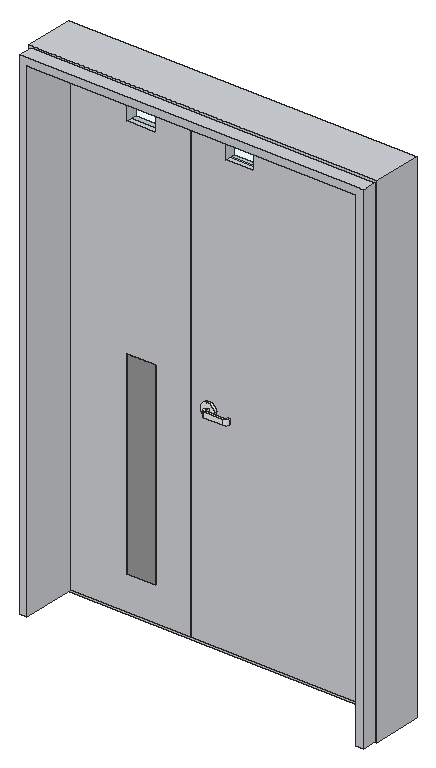
Revit family "Dor_親子開き戸", category ドア, Revit 2020
Family settings
  ホスト = 壁
  常に垂直 = はい
  ロード時にボイドで切り取り = はい
  共有 = いいえ
  部屋計算ポイント = いいえ
Parameters (values of type "親子開き戸")
  開口逃げ位置表示 [instance] = no
  金物_施錠方式(外) = ""
  金物_施錠方式(内) = ""
  金物_支持金物 = ""
  金物_操作金物 = ""
  金物_戸当り = ""
  金物_固定金物 = ""
  金物_フランス落し = ""
  金物_クローザー = ""
  逃げ_左 = 60 mm
  逃げ_右 = 60 mm
  解析用性能 = "<なし>"
  符号_建具記号 = ""
  符号_建具番号 = ""
  法_随時閉鎖 = yes
  法_防火性能 = ""
  法_遮煙 = yes
  法_常時閉鎖 = yes
  沓摺表示 [instance] = yes
  文字_ガラス厚 = ""
  建枠下延長 [instance] = 0 mm
  沓摺見込_Kc_Kd [instance] = 100 mm
  ラベル_遮煙 = if(法_遮煙, "S", " ")  # "S"
  ラベル_法囲み = if(法_常時閉鎖, "□", if(法_随時閉鎖, "〇", " "))  # "□"
  ドアパネルタイプ2 = DP_小窓+スリットガラリ : 小窓+スリットガラリ
  ドアパネルタイプ1 = DP_小窓 : 小窓
  スリット/小窓位置：戸先 [instance] = yes
  ガラス厚 = 6 mm
  オフセット_外側 [instance] = 50 mm
  calc_逃げ位置 [instance] = if(bWallThicknessOffset, calc_壁芯ずれ, 0 mm)  # 0 mm
  calc_沓摺幅 = 幅 + 戸当見付 * 2  # 1430 mm
  沓摺タイプ = Ka_沓摺 : Ka_沓摺
  次による断熱プロパティの定義 = スキーマティック タイプ
  枠見付内_F01 = 30 mm
  calc_枠見込内 [instance] = if(and(枠ちり内 = 0 mm, オフセット_内側 = 0 mm), 1 mm, 0 mm)  # 0 mm
  calc_枠見付内 = if(枠タイプ = 1, 枠見付内_F01, if(枠タイプ = 2, 枠見付 + 戸当見付, if(枠タイプ = 3, 枠見付 + 戸当見付, 枠見付)))  # 30 mm
  文字_額縁材質 = ""
  文字_額縁仕上 = ""
  文字_沓摺材質 = ""
  文字_沓摺仕上 = ""
  文字_枠材質 = ""
  文字_枠仕上 = ""
  文字_建具材質 = ""
  文字_建具仕上 = ""
  文字_取付場所 = ""
  文字_備考 = ""
  文字_パネル厚 = ""
  文字_ガラリ材質 = ""
  文字_ガラリ仕上 = ""
  文字_ガラス材質 = ""
  文字_アンダーカット = ""
  性能_遮音 = ""
  性能_気密 = ""
  形状_沓摺形状 = ""
  形状_枠形状 = ""
  形状_建具形式 = ""
  形状_ガラリ形状 = ""
  仕上げ厚 = 0 mm
  calc_壁芯ずれ [instance] = オフセット_内側 / 2 + オフセット_外側 / 2  # 50 mm
  calc_仕上げ厚 [instance] = if(and(オフセット_内側 = 0 mm, 仕上げ厚 = 0 mm), 11 mm, 仕上げ厚)  # 0 mm
  マテリアル_沓摺 = none
  マテリアル_枠 = none
  マテリアル_パネル = none
  マテリアル_ガラリ = none
  マテリアル_ガラス = ガラス - 透明
  パネル幅2 = (幅 + 戸当見付 * 2) - パネル幅  # 530 mm
  パネル幅1 = 900 mm
  calc_パネル中心位置 = パネル厚 / 2 + LOCK  # 22.5 mm
  calc_パネル2_中心 = パネル幅2 / 2 + LOCK  # 265 mm
  calc_パネル1_中心 = パネル幅1 / 2 + LOCK  # 450 mm
  ハンドル表示 [instance] = yes
  Keynote = ""
  オフセット_内側 [instance] = 50 mm
  bWallThicknessOffset = no
  W寸法 = 1400 mm
  LOCK = 0 mm  # constant formula
  H寸法 = 2100 mm
  F02_片ひばた2 = 枠タイプ = 2  # no
  Function = (empty or 0)
  Description = ""
  枠タイプ = 1
  Rough Width = 0 mm
  高さ = H寸法 + LOCK  # 2100 mm
  枠見付 = 25 mm
  枠ちり外 = 10 mm
  枠ちり内 = 10 mm
  ハンドル_高さ = 900 mm
  ハンドル_オフセット = 80 mm
  戸当見込 = 50 mm
  戸当見付 = 15 mm
  Construction Type = ""
  Wall Closure = (empty or 0)
  幅 = W寸法 + LOCK  # 1400 mm
  Rough Height = 0 mm
  パネル高 = 高さ + 戸当見付 - アンダーカット  # 2110 mm
  パネル幅 = パネル幅1 + LOCK  # 900 mm
  パネル厚 = 45 mm
  アンダーカット = 5 mm
  F01_片ひばた1 = 枠タイプ = 1  # yes
  F03_両ひばた = 枠タイプ = 3  # no
Reference planes
  plane 1: y = 0
  plane 2 "中心(左/右)": x = 0
  plane 3 "EXT.": y = 75
  plane 4 "内壁": y = -75
  plane 5 "左": x = -700
  plane 6 "右": x = 700
  plane 7 "上側": z = 2100
  plane 8: z = 0
  plane 9 "枠ちり外": y = 135
  plane 10 "左扉位置": x = -715
  plane 11 "枠外側左": x = -740
  plane 12 "枠内側左": x = -730
  plane 13 "仕上げ厚": y = -75
  plane 14 "右扉位置": x = 715
  plane 15 "枠外側右": x = 740
  plane 16 "枠内側右": x = 730
  plane 17: z = 2115
  plane 18 "枠見付_上": z = 2140
  plane 19 "枠見付内_上": z = 2130
  plane 20: y = 90
  plane 21: y = 40
  plane 22: x = -730
  plane 23: x = 730
  plane 24: z = 5
  plane 25: y = -125
  plane 26 "枠ちり内": y = -135
  plane 27 "パネル中心": y = 112.5
  plane 28: y = 65
  plane 29: y = -115
  plane 30: z = 2130
  plane 31: x = -745
  plane 32: x = -731
  plane 33: x = 745
  plane 34: x = 731
  plane 35: y = 65
  plane 36: y = -115
  plane 37 "枠見込内": y = -75
  plane 38: y = -130
  plane 39: x = -185
  plane 40 "パネル1中心": x = 265
  plane 41 "パネル2中心": x = -450
  plane 42: y = 112.5
  plane 43 "壁芯": y = -50
  plane 44: z = 900
  plane 45: x = -105
  plane 46 "建枠下延長": z = 0
  plane 47: y = 125
  plane 48 "逃げ位置": y = 0
Forms (mm)
  Extrusion 1, void
    sketch origin (0, 0, 0) x (1, 0, 0) y (0, 1, 0)
      loop
        line (-730, -125) -> (730, -125) -> (730, -75) -> (-730, -75) -> (-730, -125)
    from 0 to 2130
  Extrusion 2, void
    sketch origin (0, 0, 0) x (1, 0, 0) y (0, 1, 0)
      loop
        line (-740, 75) -> (-740, -75) -> (740, -75) -> (740, 75) -> (-740, 75)
    from 0 to 2140
  Sweep 3, solid, material <- "マテリアル_枠", visible <- "F01_片ひばた1", detail levels medium+fine
    path origin (0, 75, 0) x (1, 0, 0) y (0, 0, 1)
      loop
        line (700, 0) -> (700, 2100) -> (-700, 2100) -> (-700, 0)
    profile origin (700, 75, 1050) x (-1, 0, 0) y (0, -1, 0)
      loop
        line (-40, -60) -> (-15, -60) -> (-15, -15) -> (0, -15) -> (0, 210) -> (-30, 210) -> (-30, 150) -> (-40, 150) -> (-40, -60)
  Sweep 4, solid, material <- "マテリアル_枠", visible <- "F02_片ひばた2"
    path origin (0, 75, 0) x (1, 0, 0) y (0, 0, 1)
      loop
        line (700, 0) -> (700, 2100) -> (-700, 2100) -> (-700, 0)
    profile origin (700, 75, 1050) x (-1, 0, 0) y (0, -1, 0)
      loop
        line (-40, -60) -> (-15, -60) -> (-15, -15) -> (0, -15) -> (0, 210) -> (-40, 210) -> (-40, -60)
  Sweep 5, solid, material <- "マテリアル_枠", visible <- "F03_両ひばた"
    path origin (0, 75, 0) x (1, 0, 0) y (0, 0, 1)
      loop
        line (700, 0) -> (700, 2100) -> (-700, 2100) -> (-700, 0)
    profile origin (700, 75, 1050) x (-1, 0, 0) y (0, -1, 0)
      loop
        line (-40, -60) -> (-15, -60) -> (-15, -15) -> (0, -15) -> (0, 35) -> (-15, 35) -> (-15, 210) -> (-40, 210) -> (-40, -60)
Lines and regions (mm)
  Masking region 1
    outline origin (0, 0, 0) x (0, 1, 0) y (0, 0, 1)
      loop
        line (135, 2115) -> (90, 2115) -> (90, 5) -> (135, 5) -> (135, 2115)
  Masking region 2, visible <- "F02_片ひばた2"
    outline origin (0, 0, 0) x (0, 1, 0) y (0, 0, 1)
      loop
        line (65, 2130) -> (-115, 2130) -> (-135, 2130) -> (-135, 2100) -> (90, 2100) -> (90, 2115) -> (135, 2115) -> (135, 2130) -> (65, 2130)
  Masking region 3, visible <- "F01_片ひばた1"
    outline origin (0, 0, 0) x (0, 1, 0) y (0, 0, 1)
      loop
        line (65, 2140) -> (-75, 2140) -> (-75, 2130) -> (-115, 2130) -> (-135, 2130) -> (-135, 2100) -> (90, 2100) -> (90, 2115) -> (135, 2115) -> (135, 2140) -> (65, 2140)
  Masking region 4, visible <- "F03_両ひばた"
    outline origin (0, 0, 0) x (0, 1, 0) y (0, 0, 1)
      loop
        line (65, 2130) -> (-115, 2130) -> (-135, 2130) -> (-135, 2115) -> (40, 2115) -> (40, 2100) -> (90, 2100) -> (90, 2115) -> (135, 2115) -> (135, 2130) -> (65, 2130)
  Masking region 5, visible <- "F01_片ひばた1", detail levels medium+fine
    outline origin (0, 0, 0) x (1, 0, 0) y (0, 1, 0)
      loop
        line (-740, -75) -> (-730, -75) -> (-730, -135) -> (-700, -135) -> (-700, 90) -> (-715, 90) -> (-715, 135) -> (-740, 135) -> (-740, -75)
      loop
        line (740, -75) -> (740, 135) -> (715, 135) -> (715, 90) -> (700, 90) -> (700, -135) -> (730, -135) -> (730, -75) -> (740, -75)
  Masking region 6, visible <- "F02_片ひばた2", detail levels medium+fine
    outline origin (0, 0, 0) x (1, 0, 0) y (0, 1, 0)
      loop
        line (-740, -135) -> (-700, -135) -> (-700, 90) -> (-715, 90) -> (-715, 135) -> (-740, 135) -> (-740, -135)
      loop
        line (740, 135) -> (715, 135) -> (715, 90) -> (700, 90) -> (700, -135) -> (740, -135) -> (740, 135)
  Masking region 7, detail levels coarse
    outline origin (0, 0, 0) x (1, 0, 0) y (0, 1, 0)
      loop
        line (-700, -130) -> (700, -130) -> (700, -125) -> (700, 125) -> (700, 130) -> (-700, 130) -> (-700, 125) -> (-700, -125) -> (-700, -130)
  Masking region 8, detail levels coarse
    outline origin (0, 0, 0) x (1, 0, 0) y (0, 1, 0)
      loop
        line (-745, 125) -> (-745, -125) -> (-700, -125) -> (-700, 125) -> (-745, 125)
      loop
        line (745, 125) -> (700, 125) -> (700, -125) -> (745, -125) -> (745, 125)
  Masking region 9, visible <- "F03_両ひばた", detail levels medium+fine
    outline origin (0, 0, 0) x (1, 0, 0) y (0, 1, 0)
      loop
        line (-740, 135) -> (-740, -135) -> (-715, -135) -> (-715, 40) -> (-700, 40) -> (-700, 90) -> (-715, 90) -> (-715, 135) -> (-740, 135)
      loop
        line (740, 135) -> (715, 135) -> (715, 90) -> (700, 90) -> (700, 40) -> (715, 40) -> (715, -135) -> (740, -135) -> (740, 135)
  symbolic lines
    curve 1: line (0, 185, 0) -> (0, -185, 0)
Text (mm)
  text "EXT." at (-2295.016, 1099.543, 0), in view "基準レベル"
  text "外部" at (0, 1615.38, 3698.081), in view "左"
  text "外部" at (0, 1036.032, 3874.932), in view "右"
  text "内部" at (0, -1175.082, 3874.932), in view "右"
  text "内部" at (-2295.016, -1087.353, 0), in view "基準レベル"
Dimensions and locks
  equal spacing: plane 5 "左", plane 2 "中心(左/右)", plane 6 "右"
  locked: plane 3 "EXT." to host wall
  locked: plane 4 "内壁" to host wall
  "W寸法": plane 5 "左" to plane 6 "右"
  "H寸法": plane 8 to plane 7 "上側"
  "戸当見付": plane 10 "左扉位置" to plane 5 "左"
  "calc_枠見付内": plane 12 "枠内側左" to plane 5 "左"
  "枠見付": plane 11 "枠外側左" to plane 10 "左扉位置"
  "calc_仕上げ厚": plane 13 "仕上げ厚" to plane 4 "内壁"
  "枠見付": plane 15 "枠外側右" to plane 14 "右扉位置"
  "戸当見付": plane 7 "上側" to plane 17
  "枠見付": plane 17 to plane 18 "枠見付_上"
  "calc_枠見付内": plane 7 "上側" to plane 19 "枠見付内_上"
  "パネル厚": plane 9 "枠ちり外" to plane 20
  "戸当見込": plane 20 to plane 21
  "戸当見付": plane 6 "右" to plane 14 "右扉位置"
  "calc_枠見付内": plane 6 "右" to plane 16 "枠内側右"
  "枠見付内_F01": plane 22 to plane 5 "左"
  "枠見付内_F01": plane 6 "右" to plane 23
  "枠ちり内": plane 25 to plane 26 "枠ちり内"
  "オフセット_内側": plane 25 to plane 4 "内壁"
  "アンダーカット": plane 24 to plane 8
  locked: plane 3 "EXT." to Masking region 2 sketch curve at 10
  locked: Masking region 2 sketch curve to plane 25 at 10
  equal spacing: plane 9 "枠ちり外", plane 27 "パネル中心", plane 20
  locked: plane 3 "EXT." to plane 28 at 10
  locked: plane 29 to plane 25 at 10
  "枠見付内_F01": plane 7 "上側" to plane 30
  locked: curve 1 to plane 9 "枠ちり外" at 50
  locked: plane 26 "枠ちり内" to curve 1 at 50
  plane 4 "内壁" to plane 3 "EXT." = 150 mm
  locked: plane 32 to plane 22 at 1
  locked: plane 31 to plane 11 "枠外側左" at 5
  locked: plane 15 "枠外側右" to plane 33 at 5
  plane 23 to plane 34 = 1 mm
  locked: plane 35 to plane 3 "EXT." at 10
  locked: plane 36 to plane 25 at 10
  locked: plane 25 to plane 38 at 5
  "パネル幅1": plane 39 to plane 14 "右扉位置"
  "calc_パネル1_中心": plane 40 "パネル1中心" to plane 14 "右扉位置"
  "calc_パネル2_中心": plane 10 "左扉位置" to plane 41 "パネル2中心"
  "calc_壁芯ずれ": plane 43 "壁芯" to plane 1
  "ハンドル_高さ": plane 44 to plane 8
  "ハンドル_オフセット": plane 45 to plane 39
  "建枠下延長": plane 8 to plane 46 "建枠下延長"
  "calc_枠見込内": plane 37 "枠見込内" to plane 4 "内壁"
  "オフセット_外側": plane 3 "EXT." to plane 47
  "枠ちり外": plane 9 "枠ちり外" to plane 47
  "calc_パネル中心位置": plane 9 "枠ちり外" to plane 42
  locked: Masking region 7 sketch curve to plane 47 at 5
  "calc_逃げ位置": plane 48 "逃げ位置" to plane 1
  aligned and locked: plane 1 to host wall
  aligned and locked: level to plane 8
  aligned and locked: Extrusion 1 sketch curve to plane 12 "枠内側左"
  aligned and locked: plane 13 "仕上げ厚" to Extrusion 1 sketch curve
  aligned and locked: Extrusion 1 sketch curve to plane 16 "枠内側右"
  aligned and locked: Extrusion 2 sketch curve to host wall
  aligned and locked: plane 11 "枠外側左" to Extrusion 2 sketch curve
  aligned and locked: plane 13 "仕上げ厚" to Extrusion 2 sketch curve
  aligned and locked: plane 15 "枠外側右" to Extrusion 2 sketch curve
  aligned and locked: plane 18 "枠見付_上" to Extrusion 2
  aligned and locked: plane 7 "上側" to Sweep 3 sketch curve
  aligned and locked: plane 6 "右" to Sweep 3 sketch curve  (x2)
  aligned and locked: Sweep 3 sketch curve to plane 5 "左"
  aligned and locked: Sweep 3 sketch curve to plane 13 "仕上げ厚"
  aligned and locked: plane 9 "枠ちり外" to Sweep 3 sketch curve
  aligned and locked: plane 20 to Sweep 3 sketch curve
  aligned and locked: plane 14 "右扉位置" to Sweep 3 sketch curve
  aligned and locked: Sweep 3 sketch curve to plane 15 "枠外側右"
  aligned and locked: plane 15 "枠外側右" to Sweep 4 sketch curve
  aligned and locked: plane 14 "右扉位置" to Sweep 5 sketch curve  (x2)
  aligned and locked: Sweep 5 sketch curve to plane 21
  aligned and locked: plane 23 to Sweep 3 sketch curve
  aligned and locked: Sweep 3 sketch curve to plane 26 "枠ちり内"
  aligned and locked: Sweep 4 sketch curve to plane 26 "枠ちり内"
  aligned and locked: plane 20 to Sweep 4 sketch curve
  aligned and locked: Sweep 5 sketch curve to plane 26 "枠ちり内"
  aligned and locked: Extrusion 1 to plane 25
  aligned and locked: plane 19 "枠見付内_上" to Extrusion 1
  aligned and locked: Sweep 4 to Masking region 1 sketch curve
  aligned and locked: plane 9 "枠ちり外" to Masking region 2 sketch curve
  aligned and locked: plane 19 "枠見付内_上" to Masking region 2 sketch curve  (x3)
  aligned and locked: Masking region 2 sketch curve to plane 26 "枠ちり内"
  aligned and locked: plane 7 "上側" to Masking region 2 sketch curve
  aligned and locked: plane 20 to Masking region 2 sketch curve
  aligned and locked: Masking region 2 sketch curve to plane 17
  aligned and locked: plane 2 "中心(左/右)" to nested 1
  aligned and locked: nested 1 to plane 27 "パネル中心"
  aligned and locked: plane 20 to Masking region 3 sketch curve
  aligned and locked: Masking region 3 sketch curve to plane 26 "枠ちり内"
  aligned and locked: plane 7 "上側" to Masking region 3 sketch curve
  aligned and locked: Masking region 3 sketch curve to plane 17
  aligned and locked: plane 18 "枠見付_上" to Masking region 3 sketch curve  (x2)
  aligned and locked: Masking region 3 sketch curve to plane 30  (x2)
  aligned and locked: plane 30 to Masking region 3 sketch curve
  aligned and locked: plane 19 "枠見付内_上" to Masking region 4 sketch curve  (x3)
  aligned and locked: Masking region 4 sketch curve to plane 26 "枠ちり内"
  aligned and locked: plane 9 "枠ちり外" to Masking region 4 sketch curve
  aligned and locked: Masking region 4 sketch curve to plane 17  (x2)
  aligned and locked: plane 7 "上側" to Masking region 4 sketch curve
  aligned and locked: plane 20 to Masking region 4 sketch curve
  aligned and locked: Masking region 4 sketch curve to plane 21
  aligned and locked: Masking region 5 sketch curve to plane 9 "枠ちり外"
  aligned and locked: Masking region 5 sketch curve to plane 20
  aligned and locked: plane 26 "枠ちり内" to Masking region 5 sketch curve
  aligned and locked: plane 11 "枠外側左" to Masking region 5 sketch curve
  aligned and locked: plane 5 "左" to Masking region 5 sketch curve
  aligned and locked: plane 6 "右" to Masking region 5 sketch curve
  aligned and locked: Masking region 5 sketch curve to plane 15 "枠外側右"
  aligned and locked: plane 14 "右扉位置" to Masking region 5 sketch curve
  aligned and locked: Masking region 5 sketch curve to plane 22
  aligned and locked: plane 22 to Masking region 5 sketch curve
  aligned and locked: plane 23 to Masking region 5 sketch curve  (x2)
  aligned and locked: plane 5 "左" to Masking region 7 sketch curve
  aligned and locked: Masking region 7 sketch curve to plane 6 "右"
  aligned and locked: Masking region 8 sketch curve to plane 31
  aligned and locked: Masking region 7 to Masking region 8 sketch curve
  aligned and locked: plane 6 "右" to Masking region 8 sketch curve
  aligned and locked: Masking region 8 sketch curve to plane 33
  aligned and locked: plane 25 to Masking region 8 sketch curve
  aligned and locked: Masking region 8 sketch curve to plane 25
  aligned and locked: plane 25 to Masking region 7 sketch curve  (x2)
  aligned and locked: Masking region 7 sketch curve to plane 38
  aligned and locked: plane 14 "右扉位置" to Masking region 9 sketch curve
  aligned and locked: plane 21 to Masking region 9 sketch curve  (x2)
  aligned and locked: Masking region 9 sketch curve to plane 21  (x2)
  aligned and locked: nested 2 to plane 9 "枠ちり外"
  aligned and locked: nested 2 to plane 14 "右扉位置"
  aligned and locked: plane 20 to Sweep 5 sketch curve
  aligned and locked: plane 9 "枠ちり外" to Sweep 5 sketch curve
  aligned and locked: plane 9 "枠ちり外" to Sweep 4 sketch curve
  aligned and locked: plane 2 "中心(左/右)" to nested 3
  aligned and locked: plane 40 "パネル1中心" to nested 4
  aligned and locked: nested 4 to plane 8
  aligned and locked: nested 4 to plane 27 "パネル中心"
  aligned and locked: nested 5 to plane 27 "パネル中心"
  aligned and locked: plane 44 to nested 5
  aligned and locked: nested 5 to plane 45
  aligned and locked: plane 40 "パネル1中心" to nested 6
  aligned and locked: nested 6 to plane 8
  aligned and locked: plane 41 "パネル2中心" to nested 7
  aligned and locked: plane 41 "パネル2中心" to nested 8
  aligned and locked: nested 7 to plane 27 "パネル中心"
  aligned and locked: plane 46 "建枠下延長" to Sweep 4 sketch curve  (x2)
  aligned and locked: plane 46 "建枠下延長" to Sweep 3 sketch curve  (x2)
  aligned and locked: plane 46 "建枠下延長" to Sweep 5 sketch curve  (x2)
  aligned and locked: Masking region 6 sketch curve to plane 15 "枠外側右"
  aligned and locked: plane 4 "内壁" to Masking region 5 sketch curve
  aligned and locked: Masking region 5 sketch curve to plane 4 "内壁"
  aligned and locked: plane 47 to Masking region 7 sketch curve  (x2)
  aligned and locked: Masking region 8 sketch curve to plane 47
  aligned and locked: plane 47 to Masking region 8 sketch curve
  aligned and locked: nested 3 to plane 48 "逃げ位置"
Automatic sketch dimensions
  plane 5 "左" to Sweep 4 sketch curve = 0 mm
  plane 6 "右" to Sweep 4 sketch curve = 0 mm
  Sweep 4 sketch curve to plane 7 "上側" = 0 mm
  Sweep 4 sketch curve to profile plane = 0 mm
  profile plane to Sweep 4 sketch curve = 15 mm
  plane 5 "左" to Sweep 5 sketch curve = 0 mm
  plane 6 "右" to Sweep 5 sketch curve = 0 mm
  Sweep 5 sketch curve to plane 7 "上側" = 0 mm
  Sweep 5 sketch curve to profile plane = 0 mm
  profile plane to Sweep 5 sketch curve = 15 mm
  Sweep 5 sketch curve to Sweep 5 sketch curve = 25 mm
  Masking region 3 sketch curve to plane 29 = 0 mm
  Masking region 3 sketch curve to plane 13 "仕上げ厚" = 0 mm
  Masking region 3 sketch curve to plane 28 = 0 mm
  Masking region 3 sketch curve to plane 9 "枠ちり外" = 0 mm
  Masking region 4 sketch curve to plane 29 = 0 mm
  Masking region 4 sketch curve to plane 28 = 0 mm
  curve 1 to plane 2 "中心(左/右)" = 0 mm
  host wall to Extrusion 1 sketch curve = 50 mm
  Masking region 1 sketch curve to plane 17 = 0 mm
  Masking region 1 sketch curve to plane 20 = 0 mm
  Masking region 1 sketch curve to plane 24 = 0 mm
  Masking region 9 sketch curve to plane 9 "枠ちり外" = 0 mm  (x2)
  Masking region 9 sketch curve to plane 11 "枠外側左" = 0 mm
  Masking region 9 sketch curve to plane 10 "左扉位置" = 0 mm  (x2)
  Masking region 9 sketch curve to plane 5 "左" = 0 mm
  Masking region 9 sketch curve to plane 6 "右" = 0 mm
  Masking region 9 sketch curve to plane 14 "右扉位置" = 0 mm
  Masking region 9 sketch curve to plane 15 "枠外側右" = 0 mm
  Masking region 9 sketch curve to plane 26 "枠ちり内" = 0 mm  (x2)
  Masking region 9 sketch curve to plane 20 = 0 mm  (x2)
  Masking region 6 sketch curve to plane 11 "枠外側左" = 0 mm
  Masking region 6 sketch curve to plane 10 "左扉位置" = 0 mm
  Masking region 6 sketch curve to plane 5 "左" = 0 mm
  Masking region 6 sketch curve to plane 6 "右" = 0 mm
  Masking region 6 sketch curve to plane 14 "右扉位置" = 0 mm
  Masking region 6 sketch curve to plane 9 "枠ちり外" = 0 mm  (x2)
  Masking region 6 sketch curve to plane 26 "枠ちり内" = 0 mm  (x2)
  Masking region 6 sketch curve to plane 20 = 0 mm  (x2)
  Masking region 5 sketch curve to plane 10 "左扉位置" = 0 mm
  Masking region 5 sketch curve to plane 26 "枠ちり内" = 0 mm
  Masking region 5 sketch curve to plane 20 = 0 mm
  Masking region 5 sketch curve to plane 9 "枠ちり外" = 0 mm
Nested families
  nested 1: "Ka_沓摺" at (0, 112.5, 0), 沓摺材質 <- "マテリアル_沓摺", アンダーカット <- "アンダーカット", パネル厚 <- "パネル厚", パネル幅 <- "calc_沓摺幅", type <- "沓摺タイプ", visible <- "沓摺表示", 沓摺見込 <- "沓摺見込_Kc_Kd", type "Ka_沓摺"
    with 沓摺見込 100 mm, 沓摺材質 none, パネル幅 1430 mm, パネル厚 45 mm, アンダーカット 5 mm
  nested 2: "平面_親子開き戸" at (0, 135, 0), type "平面_親子開き戸"
    with 枠ちり外 10 mm
  nested 3: "平面_逃げ位置" at (0, 0, 0), visible <- "開口逃げ位置表示", 幅 <- "幅", 逃げ_右 <- "逃げ_右", 逃げ_左 <- "逃げ_左", type "平面_逃げ位置"
    with 逃げ_左 60 mm, 逃げ_右 60 mm, 幅 1400 mm
  nested 4: "DP_小窓" at (265, 112.5, 0) x (-1, 0, 0) z (0, 0, 1), マテリアル_パネル <- "マテリアル_パネル", 幅 <- "パネル幅1", 高さ <- "パネル高", Thickness <- "パネル厚", アンダーカット <- "アンダーカット", type <- "ドアパネルタイプ1", マテリアル_ガラス <- "マテリアル_ガラス", スリット/小窓位置：戸先 <- "スリット/小窓位置：戸先", マテリアル_ガラリ <- "マテリアル_ガラリ", ガラス厚 <- "ガラス厚", type "小窓"
    with 高さ 2110 mm, 幅 900 mm, built-in parameter 1001302 45 mm, マテリアル_パネル none, マテリアル_ガラリ none, マテリアル_ガラス ガラス - 透明, スリット/小窓位置：戸先 yes, スリット/小窓位置：中央 no, ガラス厚 6 mm, アンダーカット 5 mm, calc_窓腰高 1875 mm, calc_窓位置_戸尻 630 mm, calc_窓位置_戸先 150 mm
  nested 5: "Ha_ハンドル" at (-105, 112.5, 900), visible <- "ハンドル表示", type "Ha_ハンドル"
    with パネル厚 45 mm
  nested 6: "立面_スイング_開き戸" at (265, -75, 0) x (1, 0, 0) z (0, -1, 0), パネル幅 <- "パネル幅1", パネル高 <- "パネル高", アンダーカット <- "アンダーカット", type "立面_スイング_開き戸"
    with パネル高 2110 mm, パネル幅 900 mm, アンダーカット 5 mm
  nested 7: "DP_小窓+スリットガラリ" at (-450, 112.5, 0), マテリアル_パネル <- "マテリアル_パネル", 幅 <- "パネル幅2", 高さ <- "パネル高", Thickness <- "パネル厚", アンダーカット <- "アンダーカット", type <- "ドアパネルタイプ2", マテリアル_ガラス <- "マテリアル_ガラス", マテリアル_ガラリ <- "マテリアル_ガラリ", スリット/小窓位置：戸先 <- "スリット/小窓位置：戸先", ガラス厚 <- "ガラス厚", type "小窓+スリットガラリ"
    with 高さ 2110 mm, 幅 530 mm, built-in parameter 1001302 45 mm, マテリアル_パネル none, マテリアル_ガラリ none, マテリアル_ガラス ガラス - 透明, スリット/小窓位置：戸先 yes, スリット/小窓位置：中央 no, ガラス厚 6 mm, アンダーカット 5 mm, calc_窓腰高 1875 mm, calc_窓位置_戸尻 260 mm, calc_窓位置_戸先 150 mm
  nested 8: "立面_スイング_開き戸" at (-450, -75, 0) x (-1, 0, 0) z (0, -1, 0), パネル幅 <- "パネル幅2", パネル高 <- "パネル高", アンダーカット <- "アンダーカット", type "立面_スイング_開き戸"
    with パネル高 2110 mm, パネル幅 530 mm, アンダーカット 5 mm
Definition of nested family "Ka_沓摺"
  Parameters (values of type "Ka_沓摺")
    沓摺材質 [instance] = none
    Default Elevation = 0 mm
    沓摺見込 [instance] = 150 mm
    パネル幅 [instance] = 830 mm
    パネル厚 [instance] = 45 mm
    アンダーカット [instance] = 5 mm
    FB厚 = 6 mm
  Reference planes
    plane 1 "中心(正面/背面)": y = 0
    plane 2: z = 0
    plane 3 "中心(左/右)": x = 0
    plane 4 "パネル内側": y = -22.5
    plane 5: x = -415
    plane 6: x = 415
    plane 7: z = 5
    plane 8: z = 3
    plane 9 "パネル外側": y = 22.5
    plane 10: z = -20
    plane 11: y = 3
    plane 12: y = -3
  Forms (mm)
    Extrusion 1, solid, material <- "沓摺材質"
      sketch origin (0, 0, 0) x (0, 1, 0) y (0, 0, 1)
        loop
          line (3, -20) -> (3, 3) -> (-3, 3) -> (-3, -20) -> (3, -20)
      from -415 to 415
  Lines and regions (mm)
    Masking region 1
      outline origin (0, 0, 0) x (0, 1, 0) y (0, 0, 1)
        loop
          line (3, -20) -> (3, 3) -> (-3, 3) -> (-3, -20) -> (3, -20)
  Dimensions and locks
    "パネル幅": plane 5 to plane 6
    equal spacing: plane 5, plane 3 "中心(左/右)", plane 6
    "アンダーカット": plane 7 to plane 2
    locked: plane 7 to plane 8 at 2
    equal spacing: plane 9 "パネル外側", plane 1 "中心(正面/背面)", plane 4 "パネル内側"
    "パネル厚": plane 9 "パネル外側" to plane 4 "パネル内側"
    locked: plane 7 to plane 10 at 25
    plane 11 to plane 12 = 6 mm
    equal spacing: plane 11, plane 1 "中心(正面/背面)", plane 12
    "FB厚": plane 12 to plane 11
    aligned and locked: level to plane 2
    aligned and locked: plane 10 to Extrusion 1 sketch curve
    aligned and locked: Extrusion 1 sketch curve to plane 8
    aligned and locked: plane 6 to Extrusion 1
    aligned and locked: Extrusion 1 to plane 5
    aligned and locked: plane 11 to Masking region 1 sketch curve
    aligned and locked: Masking region 1 sketch curve to plane 12
    aligned and locked: Extrusion 1 sketch curve to plane 11
    aligned and locked: plane 12 to Extrusion 1 sketch curve
  Automatic sketch dimensions
    Masking region 1 sketch curve to plane 8 = 0 mm
    Masking region 1 sketch curve to plane 10 = 0 mm
Definition of nested family "DP_小窓"
  Parameters (values of type "小窓")
    Height [instance] = 2000 mm
    Analytic Construction = "<なし>"
    窓位置_戸先寄り = 150 mm
    Define Thermal Properties by = 1
    Thickness [instance] = 40 mm
    窓H = 120 mm
    窓位置_上 = 120 mm
    マテリアル_パネル [instance] = none
    マテリアル_ガラリ [instance] = none
    マテリアル_ガラス [instance] = none
    スリット/小窓位置：戸先 [instance] = yes
    スリット/小窓位置：中央 [instance] = not([スリット/小窓位置：戸先])  # no
    アンダーカット [instance] = 5 mm
    calc_窓位置_戸先 [instance] = if([スリット/小窓位置：戸先], 窓位置_戸先寄り, (Width - 窓W) / 2)  # 150 mm
    Width [instance] = 800 mm
    calc_窓位置_戸尻 [instance] = if([スリット/小窓位置：戸先], Width - 窓W - 窓位置_戸先寄り, if([スリット/小窓位置：中央], calc_窓位置_戸先, 窓位置_戸先寄り))  # 530 mm
    窓W = 120 mm
    ガラス厚 [instance] = 6 mm
    calc_窓腰高 [instance] = (Height + アンダーカット) - 窓位置_上 - 窓H  # 1765 mm
  Reference planes
    plane 1 "中心(正面/背面)": y = 0
    plane 2 "下": z = 0
    plane 3 "中心(左/右)": x = 0
    plane 4 "右": x = 400
    plane 5 "左": x = -400
    plane 6 "前面": y = 20
    plane 7 "背面": y = -20
    plane 8 "上": z = 2005
    plane 9 "戸先": x = 250
    plane 10 "ガラス下": z = 1765
    plane 11 "ガラス上": z = 1885
    plane 12 "ガラス幅": x = 130
    plane 13 "ガラス芯": x = 190
    plane 14: z = 5
  Forms (mm)
    Extrusion 1, solid, material <- "マテリアル_パネル"
      sketch origin (0, 0, 0) x (1, 0, 0) y (0, 0, 1)
        loop
          line (-400, 2005) -> (-400, 5) -> (400, 5) -> (400, 2005) -> (-400, 2005)
        loop
          line (130, 1885) -> (130, 1765) -> (250, 1765) -> (250, 1885) -> (130, 1885)
      from -20 to 20
  Dimensions and locks
    equal spacing: plane 5 "左", plane 3 "中心(左/右)", plane 4 "右"
    "Width": plane 5 "左" to plane 4 "右"
    equal spacing: plane 6 "前面", plane 1 "中心(正面/背面)", plane 7 "背面"
    "Thickness": plane 6 "前面" to plane 7 "背面"
    "calc_窓位置_戸先": plane 4 "右" to plane 9 "戸先"
    "窓位置_上": plane 8 "上" to plane 11 "ガラス上"
    "窓H": plane 11 "ガラス上" to plane 10 "ガラス下"
    "窓W": plane 9 "戸先" to plane 12 "ガラス幅"
    equal spacing: plane 12 "ガラス幅", plane 13 "ガラス芯", plane 9 "戸先"
    "アンダーカット": plane 14 to plane 2 "下"
    "Height": plane 8 "上" to plane 14
    aligned and locked: level to plane 2 "下"
    aligned and locked: Extrusion 1 sketch curve to plane 8 "上"
    aligned and locked: plane 5 "左" to Extrusion 1 sketch curve
    aligned and locked: Extrusion 1 sketch curve to plane 4 "右"
    aligned and locked: plane 6 "前面" to Extrusion 1
    aligned and locked: Extrusion 1 to plane 7 "背面"
    aligned and locked: plane 11 "ガラス上" to Extrusion 1 sketch curve
    aligned and locked: plane 12 "ガラス幅" to Extrusion 1 sketch curve
    aligned and locked: Extrusion 1 sketch curve to plane 10 "ガラス下"
    aligned and locked: Extrusion 1 sketch curve to plane 9 "戸先"
    aligned and locked: nested 1 to plane 1 "中心(正面/背面)"
    aligned and locked: plane 13 "ガラス芯" to nested 1
    aligned and locked: plane 14 to Extrusion 1 sketch curve
  Nested families
    nested 1: "DPw_ガラス" at (190, 15, 1765), Width <- "窓W", Height <- "窓H", Thickness <- "ガラス厚", built-in parameter 1001364 <- "calc_窓腰高", マテリアル_ガラス <- "マテリアル_ガラス", type "ガラス"
      with Height 120 mm, Width 120 mm, Thickness 6 mm, マテリアル_ガラス none
  Definition of nested family "DPw_ガラス"
    Parameters (values of type "DPw_ガラス")
      Define Thermal Properties by = 1
      Visual Light Transmittance = 0.9
      Solar Heat Gain Coefficient = 0.78
      Height [instance] = 1000 mm
      Heat Transfer Coefficient (U) = 3.6886 W/(m²·K)
      Width [instance] = 800 mm
      Analytic Construction = "1/8 インチ ピルキントン一重ガラス"
      Thickness [instance] = 6 mm
      マテリアル_ガラス [instance] = none
    Reference planes
      plane 1 "中心(正面/背面)": y = -15
      plane 2 "下": z = 0
      plane 3 "中心(左/右)": x = 0
      plane 4 "左": x = -400
      plane 5 "右": x = 400
      plane 6 "上": z = 1000
      plane 7: y = -12
      plane 8: y = -18
      plane 9: z = 500
    Forms (mm)
      Extrusion 1, solid, material <- "マテリアル_ガラス"
        sketch origin (0, -15, 0) x (1, 0, 0) y (0, 0, 1)
          loop
            line (-400, 0) -> (400, 0) -> (400, 1000) -> (-400, 1000) -> (-400, 0)
        from -3 to 3
    Lines and regions (mm)
      symbolic lines, detail levels medium+fine
        curve 1: line (400, -15, 0) -> (-400, -15, 0)
      symbolic lines, detail levels fine
        curve 2: line (0, -15, 1000) -> (0, -15, 0)
    Dimensions and locks
      equal spacing: plane 4 "左", plane 3 "中心(左/右)", plane 5 "右"
      "Width": plane 4 "左" to plane 5 "右"
      "Height": plane 6 "上" to plane 2 "下"
      equal spacing: plane 6 "上", plane 9, plane 2 "下"
      "Thickness": plane 8 to plane 7
      equal spacing: plane 8, plane 1 "中心(正面/背面)", plane 7
      plane 2 "下" to level = 0 mm
      aligned and locked: plane 5 "右" to Extrusion 1
      aligned and locked: Extrusion 1 to plane 4 "左"
      aligned and locked: Extrusion 1 to plane 7
      aligned and locked: plane 8 to Extrusion 1
      aligned and locked: curve 1 to plane 1 "中心(正面/背面)"
      aligned and locked: plane 4 "左" to curve 1
      aligned and locked: Extrusion 1 to curve 1
      aligned and locked: plane 6 "上" to Extrusion 1
      aligned and locked: plane 2 "下" to curve 2
      aligned and locked: plane 6 "上" to curve 2
      aligned and locked: Extrusion 1 to plane 2 "下"
    Automatic sketch dimensions
      Extrusion 1 sketch curve to plane 4 "左" = 0 mm
      Extrusion 1 sketch curve to plane 5 "右" = 0 mm
      level to Extrusion 1 sketch curve = 0 mm
      Extrusion 1 sketch curve to plane 6 "上" = 0 mm
      curve 2 to plane 1 "中心(正面/背面)" = 0 mm
Definition of nested family "Ha_ハンドル"
  Parameters (values of type "Ha_ハンドル")
    Analytic Construction = "<なし>"
    Define Thermal Properties by = 1
    ハンドル = none
    パネル厚 = 40 mm
    Keynote = "08730.A5"
    Function = (empty or 0)
  Reference planes
    plane 1 "中心(正面/背面)": y = 0
    plane 2: z = 0
    plane 3 "中心(左/右)": x = 0
    plane 4: y = 20
    plane 5: y = -20
    plane 6: x = 100
    plane 7: y = 30
    plane 8: y = 55
  Forms (mm)
    Extrusion 1, solid, material <- "ハンドル"
      sketch origin (0, 0, 0) x (1, 0, 0) y (0, 0, 1)
        loop
          circle (0, 0) r 30
      from 20 to 30
    Sweep 2, solid, material <- "ハンドル"
      path origin (0, 5, 0) x (1, 0, 0) y (0, 1, 0)
        loop
          line (0, -35) -> (0, -50)
          arc (0, -50) -> (2.929, -57.071) -> (10, -60) r 10
          line (10, -60) -> (90, -60)
          arc (90, -60) -> (97.071, -57.071) -> (100, -50) r 10
          line (100, -50) -> (100, -45)
      profile origin (0, -37.5, 0) x (1, 0, 0) y (0, 0, 1)
        loop
          line (-5, -10) -> (5, -10) -> (5, 10) -> (-5, 10) -> (-5, -10)
    Extrusion 3, solid, material <- "ハンドル"
      sketch origin (0, 0, 0) x (1, 0, 0) y (0, 0, -1)
        loop
          circle (0, 0) r 30
      from 20 to 30
    Sweep 4, solid, material <- "ハンドル"
      path origin (0, -5, 0) x (1, 0, 0) y (0, -1, 0)
        loop
          line (0, -35) -> (0, -50)
          arc (0, -50) -> (2.929, -57.071) -> (10, -60) r 10
          line (10, -60) -> (90, -60)
          arc (90, -60) -> (97.071, -57.071) -> (100, -50) r 10
          line (100, -50) -> (100, -45)
      profile origin (0, 37.5, 0) x (-1, 0, 0) y (0, 0, 1)
        loop
          line (5, -10) -> (5, 10) -> (-5, 10) -> (-5, -10) -> (5, -10)
  Dimensions and locks
    equal spacing: plane 5, plane 1 "中心(正面/背面)", plane 4
    "パネル厚": plane 5 to plane 4
    locked: Extrusion 1 to plane 5 at 10
    equal spacing: Sweep 2 sketch curve, plane 3 "中心(左/右)", Sweep 2 sketch curve
    equal spacing: Sweep 2 sketch curve, level, Sweep 2 sketch curve
    locked: plane 7 to plane 4 at 10
    locked: plane 8 to plane 4 at 35
    Sweep 4 sketch curve to Sweep 4 sketch curve = 10 mm
    Sweep 4 sketch curve to Sweep 4 sketch curve = 20 mm
    aligned and locked: Extrusion 1 to plane 5
    aligned and locked: Extrusion 1 to Sweep 2 sketch curve
    aligned and locked: plane 7 to Extrusion 3
    aligned and locked: plane 4 to Extrusion 3
  Automatic sketch dimensions
    Extrusion 1 sketch curve to level = 0 mm
    Extrusion 1 sketch curve to plane 3 "中心(左/右)" = 0 mm
    Sweep 2 sketch curve to plane 3 "中心(左/右)" = 0 mm
    Sweep 2 sketch curve to plane 6 = 0 mm
    plane 3 "中心(左/右)" to Sweep 2 sketch curve = 10 mm
    Sweep 2 sketch curve to plane 6 = 10 mm
    plane 5 to Sweep 2 sketch curve = 20 mm
    Sweep 2 sketch curve to Sweep 2 sketch curve = 5 mm
    profile plane to Sweep 2 sketch curve = 5 mm
    Sweep 2 sketch curve to level = 10 mm
    Extrusion 3 sketch curve to level = 0 mm
    Extrusion 3 sketch curve to plane 3 "中心(左/右)" = 0 mm
    Sweep 4 sketch curve to plane 3 "中心(左/右)" = 0 mm
    Sweep 4 sketch curve to plane 8 = 0 mm
    Sweep 4 sketch curve to plane 6 = 0 mm
    Sweep 4 sketch curve to plane 7 = 0 mm
    Sweep 4 sketch curve to plane 3 "中心(左/右)" = 10 mm
    plane 6 to Sweep 4 sketch curve = 10 mm
    Sweep 4 sketch curve to Sweep 4 sketch curve = 5 mm
    profile plane to Sweep 4 sketch curve = 5 mm
    Sweep 4 sketch curve to profile plane = 5 mm
    Sweep 4 sketch curve to level = 10 mm
    level to Sweep 4 sketch curve = 10 mm
    radius of Extrusion 1 sketch curve = 30 mm
    radius of Extrusion 3 sketch curve = 30 mm
Definition of nested family "DP_小窓+スリットガラリ"
  Parameters (values of type "小窓+スリットガラリ")
    Height [instance] = 1995 mm
    Analytic Construction = "<なし>"
    Define Thermal Properties by = 1
    マテリアル_パネル [instance] = none
    マテリアル_ガラリ [instance] = none
    マテリアル_ガラス [instance] = none
    スリット/小窓位置：戸先 [instance] = yes
    スリット/小窓位置：中央 [instance] = not([スリット/小窓位置：戸先])  # no
    ガラリ位置_下 = 150 mm
    Thickness [instance] = 40 mm
    ガラリH = 840 mm
    窓H = 120 mm
    窓位置_上 = 120 mm
    アンダーカット [instance] = 5 mm
    calc_窓位置_戸先 [instance] = if([スリット/小窓位置：戸先], 窓位置_戸先寄り, (Width - 窓W) / 2)  # 150 mm
    Width [instance] = 800 mm
    窓位置_戸先寄り = 150 mm
    calc_窓位置_戸尻 [instance] = if([スリット/小窓位置：戸先], Width - 窓W - 窓位置_戸先寄り, if([スリット/小窓位置：中央], calc_窓位置_戸先, 窓位置_戸先寄り))  # 530 mm
    窓W = 120 mm
    ガラス厚 [instance] = 6 mm
    calc_窓腰高 [instance] = (Height + アンダーカット) - 窓位置_上 - 窓H  # 1760 mm
  Reference planes
    plane 1 "中心(正面/背面)": y = 0
    plane 2 "下": z = 0
    plane 3 "中心(左/右)": x = 0
    plane 4 "右": x = 400
    plane 5 "左": x = -400
    plane 6 "前面": y = 20
    plane 7 "背面": y = -20
    plane 8 "上": z = 2000
    plane 9 "戸先": x = 250
    plane 10 "ガラス下": z = 1760
    plane 11 "框上": z = 1880
    plane 12 "ガラス幅": x = 130
    plane 13 "ガラリ上": z = 990
    plane 14 "框_下": z = 150
    plane 15 "ガラス中央": x = 190
    plane 16: z = 5
  Forms (mm)
    Extrusion 1, solid, material <- "マテリアル_パネル"
      sketch origin (0, 0, 0) x (1, 0, 0) y (0, 0, 1)
        loop
          line (-400, 2000) -> (-400, 5) -> (400, 5) -> (400, 2000) -> (-400, 2000)
        loop
          line (130, 1880) -> (130, 1760) -> (250, 1760) -> (250, 1880) -> (130, 1880)
        loop
          line (130, 990) -> (130, 150) -> (250, 150) -> (250, 990) -> (130, 990)
      from -20 to 20
    Extrusion 2, solid, material <- "マテリアル_ガラリ"
      sketch origin (0, 0, 0) x (1, 0, 0) y (0, 0, 1)
        loop
          line (130, 990) -> (130, 150) -> (250, 150) -> (250, 990) -> (130, 990)
      from -20 to 20
  Dimensions and locks
    equal spacing: plane 5 "左", plane 3 "中心(左/右)", plane 4 "右"
    "Width": plane 5 "左" to plane 4 "右"
    equal spacing: plane 6 "前面", plane 1 "中心(正面/背面)", plane 7 "背面"
    "Thickness": plane 6 "前面" to plane 7 "背面"
    "calc_窓位置_戸先": plane 4 "右" to plane 9 "戸先"
    "窓位置_上": plane 8 "上" to plane 11 "框上"
    "窓H": plane 11 "框上" to plane 10 "ガラス下"
    "窓W": plane 9 "戸先" to plane 12 "ガラス幅"
    "ガラリ位置_下": plane 14 "框_下" to level
    "ガラリH": plane 13 "ガラリ上" to plane 14 "框_下"
    equal spacing: plane 12 "ガラス幅", plane 15 "ガラス中央", plane 9 "戸先"
    "アンダーカット": plane 16 to plane 2 "下"
    "Height": plane 8 "上" to plane 16
    aligned and locked: level to plane 2 "下"
    aligned and locked: Extrusion 1 sketch curve to plane 8 "上"
    aligned and locked: plane 5 "左" to Extrusion 1 sketch curve
    aligned and locked: Extrusion 1 sketch curve to plane 4 "右"
    aligned and locked: plane 6 "前面" to Extrusion 1
    aligned and locked: Extrusion 1 to plane 7 "背面"
    aligned and locked: plane 11 "框上" to Extrusion 1 sketch curve
    aligned and locked: plane 12 "ガラス幅" to Extrusion 1 sketch curve  (x2)
    aligned and locked: Extrusion 1 sketch curve to plane 10 "ガラス下"
    aligned and locked: Extrusion 1 sketch curve to plane 9 "戸先"  (x2)
    aligned and locked: plane 13 "ガラリ上" to Extrusion 1 sketch curve
    aligned and locked: Extrusion 1 sketch curve to plane 14 "框_下"
    aligned and locked: Extrusion 2 sketch curve to Extrusion 1  (x4)
    aligned and locked: Extrusion 2 to plane 7 "背面"
    aligned and locked: plane 6 "前面" to Extrusion 2
    aligned and locked: nested 1 to plane 1 "中心(正面/背面)"
    aligned and locked: plane 15 "ガラス中央" to nested 1
    aligned and locked: plane 16 to Extrusion 1 sketch curve
  Nested families
    nested 1: "DPw_ガラス" at (190, 15, 1760), Width <- "窓W", Height <- "窓H", Thickness <- "ガラス厚", built-in parameter 1001364 <- "calc_窓腰高", マテリアル_ガラス <- "マテリアル_ガラス", type "ガラス"
      with Height 120 mm, Width 120 mm, Thickness 6 mm, マテリアル_ガラス none
  Definition of nested family "DPw_ガラス"
    Parameters (values of type "DPw_ガラス")
      Define Thermal Properties by = 1
      Visual Light Transmittance = 0.9
      Solar Heat Gain Coefficient = 0.78
      Height [instance] = 1000 mm
      Heat Transfer Coefficient (U) = 3.6886 W/(m²·K)
      Width [instance] = 800 mm
      Analytic Construction = "1/8 インチ ピルキントン一重ガラス"
      Thickness [instance] = 6 mm
      マテリアル_ガラス [instance] = none
    Reference planes
      plane 1 "中心(正面/背面)": y = -15
      plane 2 "下": z = 0
      plane 3 "中心(左/右)": x = 0
      plane 4 "左": x = -400
      plane 5 "右": x = 400
      plane 6 "上": z = 1000
      plane 7: y = -12
      plane 8: y = -18
      plane 9: z = 500
    Forms (mm)
      Extrusion 1, solid, material <- "マテリアル_ガラス"
        sketch origin (0, -15, 0) x (1, 0, 0) y (0, 0, 1)
          loop
            line (-400, 0) -> (400, 0) -> (400, 1000) -> (-400, 1000) -> (-400, 0)
        from -3 to 3
    Lines and regions (mm)
      symbolic lines, detail levels medium+fine
        curve 1: line (400, -15, 0) -> (-400, -15, 0)
      symbolic lines, detail levels fine
        curve 2: line (0, -15, 1000) -> (0, -15, 0)
    Dimensions and locks
      equal spacing: plane 4 "左", plane 3 "中心(左/右)", plane 5 "右"
      "Width": plane 4 "左" to plane 5 "右"
      "Height": plane 6 "上" to plane 2 "下"
      equal spacing: plane 6 "上", plane 9, plane 2 "下"
      "Thickness": plane 8 to plane 7
      equal spacing: plane 8, plane 1 "中心(正面/背面)", plane 7
      plane 2 "下" to level = 0 mm
      aligned and locked: plane 5 "右" to Extrusion 1
      aligned and locked: Extrusion 1 to plane 4 "左"
      aligned and locked: Extrusion 1 to plane 7
      aligned and locked: plane 8 to Extrusion 1
      aligned and locked: curve 1 to plane 1 "中心(正面/背面)"
      aligned and locked: plane 4 "左" to curve 1
      aligned and locked: Extrusion 1 to curve 1
      aligned and locked: plane 6 "上" to Extrusion 1
      aligned and locked: plane 2 "下" to curve 2
      aligned and locked: plane 6 "上" to curve 2
      aligned and locked: Extrusion 1 to plane 2 "下"
    Automatic sketch dimensions
      Extrusion 1 sketch curve to plane 4 "左" = 0 mm
      Extrusion 1 sketch curve to plane 5 "右" = 0 mm
      level to Extrusion 1 sketch curve = 0 mm
      Extrusion 1 sketch curve to plane 6 "上" = 0 mm
      curve 2 to plane 1 "中心(正面/背面)" = 0 mm
Definition of nested family "平面_親子開き戸"
  Parameters (values of type "平面_親子開き戸")
    開口幅 = 1400 mm
    枠ちり外 = 20 mm
    戸当見付 = 15 mm
    パネル幅2_簡易 = 開口幅 - パネル幅1_簡易  # 515 mm
    パネル幅2 = (開口幅 + 戸当見付 * 2) - パネル幅  # 530 mm
    パネル幅1_簡易 = パネル幅 - 戸当見付  # 885 mm
    パネル幅1 = 900 mm
    パネル幅 = if(パネルシングル, (開口幅 + 戸当見付 * 2) / 2, パネル幅1)  # 900 mm
    パネル厚 = 45 mm
    パネルシングル = no
  Reference planes
    plane 1 "中心(正面/背面)": y = 0
    plane 2: z = 0
    plane 3 "中心(左/右)": x = 0
    plane 4: x = -700
    plane 5: x = 700
    plane 6: x = -715
    plane 7: x = 715
    plane 8: y = -45
    plane 9 "パネル幅1": y = 900
    plane 10 "パネル幅1_簡易": y = 865
    plane 11 "パネル幅2_簡易": y = 495
    plane 12 "パネル幅2": y = 530
    plane 13: x = -185
    plane 14: y = -20
  Lines and regions (mm)
    Masking region 1, in view "基準レベル", detail levels medium+fine
      outline origin (0, 0, 0) x (1, 0, 0) y (0, 1, 0)
        loop
          line (-185, -45) -> (715, -45) -> (715, 0) -> (-185, 0) -> (-185, -45)
    Masking region 2, in view "基準レベル", detail levels medium+fine
      outline origin (0, 0, 0) x (0, 1, 0) y (-1, 0, 0)
        loop
          line (-45, 185) -> (0, 185) -> (0, 715) -> (-45, 715) -> (-45, 185)
    detail lines, in view "基準レベル", detail levels medium+fine
      curve 1: line (715, 0, 0) -> (715, 900, 0)
      curve 2: arc (-184.986, -5.021, 0) -> (76.831, 634.618, 0) -> (715, 900, 0) r 900
      curve 7: line (-715, 0, 0) -> (-715, 530, 0)
      curve 8: arc (-185, 0, 0) -> (-340.233, 374.767, 0) -> (-715, 530, 0) r 530
    detail lines, in view "基準レベル", detail levels coarse
      curve 3: line (700, -20, 0) -> (700, 865, 0)
      curve 4: arc (-185.113, -19.887, 0) -> (74.177, 605.869, 0) -> (700, 865, 0) r 885
      curve 5: line (-700, -20, 0) -> (-700, 495, 0)
      curve 6: arc (-185, -20, 0) -> (-335.84, 344.16, 0) -> (-700, 495, 0) r 515
  Dimensions and locks
    equal spacing: plane 4, plane 3 "中心(左/右)", plane 5
    "開口幅": plane 4 to plane 5
    "戸当見付": plane 6 to plane 4
    "戸当見付": plane 5 to plane 7
    "パネル厚": plane 8 to plane 1 "中心(正面/背面)"
    "パネル幅": plane 1 "中心(正面/背面)" to plane 9 "パネル幅1"
    "パネル幅2": plane 1 "中心(正面/背面)" to plane 12 "パネル幅2"
    "パネル幅1_簡易": plane 13 to plane 5
    "枠ちり外": plane 14 to plane 1 "中心(正面/背面)"
    "パネル幅1_簡易": plane 10 "パネル幅1_簡易" to plane 14
    "パネル幅2_簡易": plane 11 "パネル幅2_簡易" to plane 14
    "パネル幅": radius of curve 2
    "パネル幅1_簡易": radius of curve 4
    "パネル幅2_簡易": radius of curve 6
    "パネル幅2": radius of curve 8
    angle curve 2 to curve 2 = 90.3196°
    angle curve 4 to curve 4 = 90.00°
    angle curve 8 to curve 8 = 90.00°
    aligned and locked: Masking region 1 sketch curve to plane 8
    aligned and locked: Masking region 1 sketch curve to plane 1 "中心(正面/背面)"
    aligned and locked: plane 7 to Masking region 1 sketch curve
    aligned and locked: plane 1 "中心(正面/背面)" to curve 1
    aligned and locked: plane 9 "パネル幅1" to curve 2
    aligned and locked: plane 5 to curve 3
    aligned and locked: plane 10 "パネル幅1_簡易" to curve 3
    aligned and locked: plane 4 to curve 5
    aligned and locked: plane 7 to curve 1
    aligned and locked: plane 6 to curve 7
    aligned and locked: Masking region 2 to plane 6
    aligned and locked: plane 7 to Masking region 1
    aligned and locked: plane 12 "パネル幅2" to curve 8
    aligned and locked: plane 13 to Masking region 2
    aligned and locked: Masking region 1 to plane 13
  Automatic sketch dimensions
    Masking region 1 sketch curve to plane 3 "中心(左/右)" = 185 mm
    Masking region 2 sketch curve to plane 6 = 0 mm
    Masking region 2 sketch curve to plane 8 = 0 mm
    plane 1 "中心(正面/背面)" to Masking region 2 sketch curve = 0 mm
    Masking region 2 sketch curve to plane 3 "中心(左/右)" = 185 mm
    curve 5 to plane 14 = 0 mm
    curve 6 to plane 14 = 0 mm
    curve 3 to plane 14 = 0 mm
    plane 1 "中心(正面/背面)" to curve 7 = 0 mm
Definition of nested family "平面_逃げ位置"
  Parameters (values of type "平面_逃げ位置")
    逃げ_左 [instance] = 40 mm
    逃げ_右 [instance] = 40 mm
    幅 [instance] = 1000 mm
  Reference planes
    plane 1 "中心(正面/背面)": y = 0
    plane 2: z = 0
    plane 3 "中心(左/右)": x = 0
    plane 4: x = -500
    plane 5: x = 500
    plane 6: x = 540
    plane 7: x = -540
    plane 8: y = -30
    plane 9: y = 30
  Lines and regions (mm)
    detail lines, in view "基準レベル"
      curve 1: line (-540, 30, 0) -> (-540, -30, 0)
      curve 2: line (540, 30, 0) -> (540, -30, 0)
  Dimensions and locks
    equal spacing: plane 4, plane 3 "中心(左/右)", plane 5
    "幅": plane 4 to plane 5
    plane 9 to plane 8 = 60 mm
    equal spacing: plane 9, plane 1 "中心(正面/背面)", plane 8
    "逃げ_左": plane 7 to plane 4
    "逃げ_右": plane 5 to plane 6
    aligned and locked: curve 1 to plane 7
    aligned and locked: plane 6 to curve 2
    aligned and locked: plane 9 to curve 2
  Automatic sketch dimensions
    curve 1 to plane 8 = 0 mm
    curve 2 to plane 8 = 0 mm
    curve 1 to plane 9 = 0 mm
Definition of nested family "立面_スイング_開き戸"
  Parameters (values of type "立面_スイング_開き戸")
    パネル高 [instance] = 1800 mm
    パネル幅 [instance] = 900 mm
    アンダーカット [instance] = 5 mm
  Reference planes
    plane 1 "中心(正面/背面)": y = 0
    plane 2: z = 0
    plane 3 "中心(左/右)": x = 0
    plane 4: y = 5
    plane 5: x = -450
    plane 6: x = 450
    plane 7: y = 1805
    plane 8: y = 905
  Lines and regions (mm)
    detail lines, in view "基準レベル"
      curve 1: line (-450, 1805, 0) -> (450, 905, 0)
      curve 2: line (450, 905, 0) -> (-450, 5, 0)
  Dimensions and locks
    equal spacing: plane 7, plane 8, plane 4
    "アンダーカット": plane 1 "中心(正面/背面)" to plane 4
    "パネル高": plane 7 to plane 4
    equal spacing: plane 5, plane 3 "中心(左/右)", plane 6
    "パネル幅": plane 5 to plane 6
    aligned and locked: plane 5 to curve 1
    aligned and locked: plane 7 to curve 1
    aligned and locked: plane 5 to curve 2
    aligned and locked: plane 4 to curve 2
    aligned and locked: plane 6 to curve 2
    aligned and locked: plane 8 to curve 1
